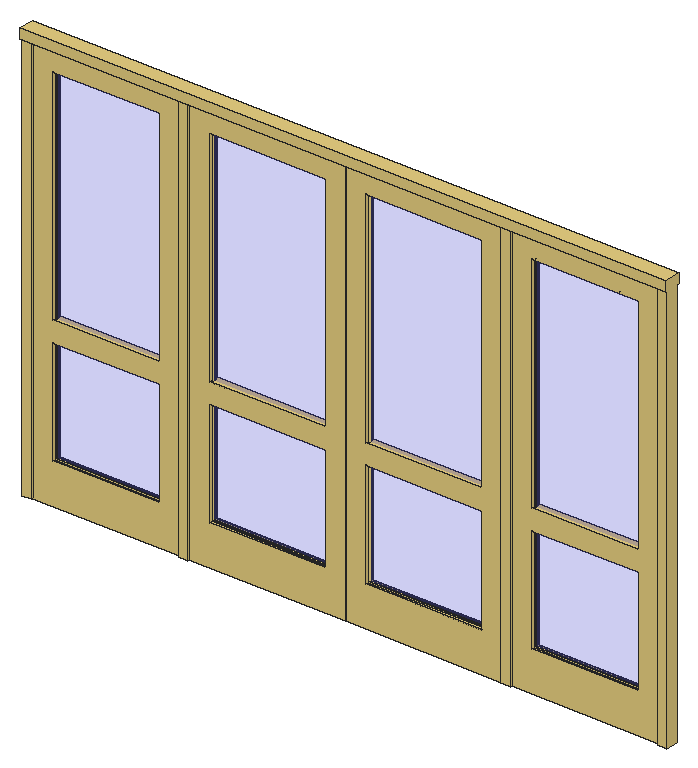
Revit family "DSP_A3-SL1", category Doors, host Wall, Revit 2016
Family settings
  Host = Wall
  Always vertical = Yes
  Cut with Voids When Loaded = No
  Shared = No
  Room Calculation Point = No
Parameters (values of type "SL1")
  URL for TCP = "http://www.tcpbim.co.za"
  URL = "www.acdoors.co.za"
  Model = "AC Combination Sidelights"
  Middle = (Width / 4) - (Frame Width / 2)  # 776 mm
  Panel Thcikness = 44 mm
  Panel Material = Meranti Wood
  Panel Height = Height - Frame Width  # 2032 mm
  Manufacturer Code = "SL1"
  Manufacturer = "AC Doors"
  Made  by = "Tolani Civil Projects cc"
  Height = 2080 mm
  Wall Closure = By host
  Width = 3200 mm
  Glass Material = Glass
  Function = Interior
  Frame Width = 48 mm
  Frame Thickness = 60 mm
  Frame Material = Meranti Wood
  Ends = (Width / 4) - (Frame Width + (Frame Width / 2))  # 728 mm
  Assembly Code = "B2030230"
Reference planes
  plane 1 "Center": y = 0
  plane 2 "Center (Left/Right)": x = 0
  plane 3 "Left": x = -1600
  plane 4 "Right": x = 1600
  plane 5: z = 2080
  plane 6 "Exterior": y = 75
  plane 7 "Interior": y = -75
  plane 8: x = 800
  plane 9: x = -800
  plane 10: x = 1552
  plane 11: x = -1188
  plane 12: x = 1188
  plane 13: x = 824
  plane 14: x = 776
  plane 15: x = -824
  plane 16: x = -776
  plane 17: x = -1552
  plane 18: x = -388
  plane 19: x = 388
Forms (mm)
  Sweep 1, solid, material "Meranti Wood" <- "Frame Material", detail levels medium+fine
    path origin (0, 0, 0) x (1, 0, 0) y (0, 0, 1)
      loop
        line (1600, 0) -> (1600, 2080)
    profile origin (1600, 0, 1040) x (-1, 0, 0) y (0, -1, 0)
      loop
        line (48, -30) -> (48, 30) -> (0, 30) -> (0, -30) -> (48, -30)
  Sweep 2, solid, material "Meranti Wood" <- "Frame Material", detail levels medium+fine
    path origin (0, 0, 0) x (1, 0, 0) y (0, 0, 1)
      loop
        line (-1600, 0) -> (-1600, 2080)
    profile origin (-1600, 0, 1040) x (-1, 0, 0) y (0, -1, 0)
      loop
        line (0, -30) -> (0, 30) -> (-48, 30) -> (-48, -30) -> (0, -30)
  Sweep 3, solid, material "Meranti Wood" <- "Frame Material", detail levels medium+fine
    path origin (0, 0, 0) x (1, 0, 0) y (0, 0, 1)
      loop
        line (1600, 2080) -> (-1600, 2080)
    profile origin (0, 0, 2080) x (0, 0, -1) y (0, -1, 0)
      loop
        line (0, -40) -> (48, -40) -> (48, 40) -> (0, 40) -> (0, -40)
  Sweep 4, solid, material "Meranti Wood" <- "Frame Material", detail levels medium+fine
    path origin (0, 0, 0) x (1, 0, 0) y (0, 0, 1)
      loop
        line (800, 0) -> (800, 2080)
    profile origin (800, 0, 1040) x (-1, 0, 0) y (0, -1, 0)
      loop
        line (24, -30) -> (24, 30) -> (-24, 30) -> (-24, -30) -> (24, -30)
  Sweep 5, solid, material "Meranti Wood" <- "Frame Material", detail levels medium+fine
    path origin (-1000, 0, 0) x (1, 0, 0) y (0, 0, 1)
      loop
        line (200, 0) -> (200, 2080)
    profile origin (-800, 0, 1040) x (-1, 0, 0) y (0, -1, 0)
      loop
        line (24, -30) -> (24, 30) -> (-24, 30) -> (-24, -30) -> (24, -30)
Cuts and joins
  joined: Sweep 1, Sweep 2, Sweep 3, Sweep 4, Sweep 5
Lines and regions (mm)
  Opening 1
    outline origin (-3050, -75, 0) x (1, 0, 0) y (0, 0, 1)
      loop
        line (1450, 0) -> (4650, 0) -> (4650, 2080) -> (1450, 2080) -> (1450, 0)
  symbolic lines, style "Elevation Swing"
    curve 1: line (-776, -75, 2040) -> (0, -75, 1016)
    curve 2: line (0, -75, 1016) -> (-776, -75, 0)
    curve 3: line (776, -75, 2040) -> (0, -75, 1016)
    curve 4: line (776, -75, 0) -> (0, -75, 1016)
  symbolic lines, style "Plan Swing"
    curve 5: line (-776, 22, 0) -> (-776, 798, 0)
    curve 6: line (-776, 798, 0) -> (-728, 798, 0)
    curve 7: line (-728, 798, 0) -> (-728, 22, 0)
    curve 8: line (776, 22, 0) -> (776, 798, 0)
    curve 9: line (728, 22, 0) -> (728, 798, 0)
    curve 10: line (776, 798, 0) -> (728, 798, 0)
    curve 11: arc (-776, 798, 0) -> (-227.285, 570.715, 0) -> (0, 22, 0) r 776
    curve 12: arc (776, 798, 0) -> (227.285, 570.715, 0) -> (0, 22, 0) r 776
Text (mm)
  text "Exterior" at (-2295.016, 1099.543, 0), in view "Ref. Level"
  text "Exterior" at (0, 1615.38, 3698.081), in view "Left"
  text "Exterior" at (0, 1036.032, 3874.932), in view "Right"
Dimensions and locks
  equal spacing: plane 3 "Left", plane 9, plane 2 "Center (Left/Right)", plane 8, plane 4 "Right"
  "Width": plane 3 "Left" to plane 4 "Right"
  "Height": plane 5 to host wall
  locked: plane 6 "Exterior" to host wall at 0
  locked: plane 7 "Interior" to host wall
  equal spacing: Sweep 1 sketch curve, profile plane, Sweep 1 sketch curve
  "Frame Thickness": Sweep 1 sketch curve to Sweep 1 sketch curve
  "Frame Width": Sweep 1 sketch curve to Sweep 1 sketch curve
  equal spacing: Sweep 2 sketch curve, profile plane, Sweep 2 sketch curve
  "Frame Thickness": Sweep 2 sketch curve to Sweep 2 sketch curve
  "Frame Width": Sweep 2 sketch curve to Sweep 2 sketch curve
  "Frame Width": Sweep 3 sketch curve to Sweep 3 sketch curve
  locked: Sweep 2 to Sweep 3 sketch curve at 10
  locked: Sweep 3 sketch curve to Sweep 2 at 10
  equal spacing: Sweep 4 sketch curve, profile plane, Sweep 4 sketch curve  (x2)
  "Frame Width": Sweep 4 sketch curve to Sweep 4 sketch curve
  "Frame Thickness": Sweep 4 sketch curve to Sweep 4 sketch curve
  equal spacing: Sweep 5 sketch curve, profile plane, Sweep 5 sketch curve  (x2)
  "Frame Width": Sweep 5 sketch curve to Sweep 5 sketch curve
  "Frame Thickness": Sweep 5 sketch curve to Sweep 5 sketch curve
  equal spacing: plane 14, plane 8, plane 13
  "Frame Width": plane 14 to plane 13
  equal spacing: plane 16, plane 9, plane 15
  "Frame Width": plane 16 to plane 15
  "Frame Width": plane 3 "Left" to plane 17
  "Frame Width": plane 10 to plane 4 "Right"
  equal spacing: plane 17, plane 11, plane 15
  equal spacing: plane 13, plane 12, plane 10
  equal spacing: plane 16, plane 18, plane 2 "Center (Left/Right)"
  equal spacing: plane 2 "Center (Left/Right)", plane 19, plane 14
  equal spacing: cut or joined group of Sweep 1, Sweep 2, Sweep 3, Sweep 4, Sweep 5, curve 4, level
  "Frame Width": curve 5 to curve 7
  "Middle": nested 4 to curve 6
  "Frame Width": curve 9 to curve 8
  aligned and locked: plane 3 "Left" to Opening 1 sketch curve
  aligned and locked: plane 5 to Opening 1 sketch curve  (x2)
  aligned and locked: Opening 1 sketch curve to plane 4 "Right"
  aligned and locked: Opening 1 sketch curve to level
  aligned and locked: plane 1 "Center" to host wall
  aligned and locked: plane 5 to Sweep 1 sketch curve
  aligned and locked: level to Sweep 1 sketch curve
  aligned and locked: plane 4 "Right" to Sweep 1 sketch curve
  aligned and locked: Sweep 1 sketch curve to profile plane
  aligned and locked: plane 5 to Sweep 2 sketch curve
  aligned and locked: level to Sweep 2 sketch curve
  aligned and locked: plane 3 "Left" to Sweep 2 sketch curve
  aligned and locked: profile plane to Sweep 2 sketch curve
  aligned and locked: plane 3 "Left" to Sweep 3 sketch curve
  aligned and locked: plane 4 "Right" to Sweep 3 sketch curve
  aligned and locked: plane 5 to Sweep 3 sketch curve
  aligned and locked: Sweep 3 sketch curve to profile plane
  aligned and locked: plane 5 to Sweep 4 sketch curve
  aligned and locked: level to Sweep 4 sketch curve
  aligned and locked: plane 8 to Sweep 4 sketch curve
  aligned and locked: plane 5 to Sweep 5 sketch curve
  aligned and locked: level to Sweep 5 sketch curve
  aligned and locked: plane 9 to Sweep 5 sketch curve
  aligned and locked: plane 12 to nested 1
  aligned and locked: plane 1 "Center" to nested 1
  aligned and locked: plane 11 to nested 3
  aligned and locked: plane 1 "Center" to nested 3
  aligned and locked: plane 18 to nested 4
  aligned and locked: nested 2 to plane 19
  aligned and locked: plane 1 "Center" to nested 2
  aligned and locked: plane 1 "Center" to nested 4
  aligned and locked: curve 1 to cut or joined group of Sweep 1, Sweep 2, Sweep 3, Sweep 4, Sweep 5
  aligned and locked: nested 2 to curve 1
  aligned and locked: cut or joined group of Sweep 1, Sweep 2, Sweep 3, Sweep 4, Sweep 5 to curve 2
  aligned and locked: curve 3 to cut or joined group of Sweep 1, Sweep 2, Sweep 3, Sweep 4, Sweep 5
  aligned and locked: cut or joined group of Sweep 1, Sweep 2, Sweep 3, Sweep 4, Sweep 5 to curve 4
  aligned and locked: curve 10 to curve 6
Automatic sketch dimensions
  curve 4 to level = 0 mm
  curve 2 to level = 0 mm
  plane 5 to curve 3 = 40 mm
  plane 5 to curve 1 = 40 mm
  curve 11 to plane 2 "Center (Left/Right)" = 0 mm
  curve 12 to plane 2 "Center (Left/Right)" = 0 mm
  curve 8 to plane 14 = 0 mm
  curve 5 to curve 11 = 0 mm
  curve 7 to host wall = 22 mm
  curve 8 to curve 12 = 0 mm
  curve 9 to host wall = 22 mm
Nested families
  nested 1: "D2H" at (1171.027, 4.38, 0), Panel Width <- "Ends", type "D2H", detail levels medium+fine
    with Panel Width 728 mm, Panel Height 2032 mm
  nested 2: "D2H" at (371.027, 4.38, 0), Panel Width <- "Middle", type "D2H", detail levels medium+fine
    with Panel Width 776 mm, Panel Height 2032 mm
  nested 3: "D2H" at (-1204.973, 4.38, 0), Panel Width <- "Ends", type "D2H", detail levels medium+fine
    with Panel Width 728 mm, Panel Height 2032 mm
  nested 4: "D2H" at (-404.973, 4.38, 0), Panel Width <- "Middle", type "D2H", detail levels medium+fine
    with Panel Width 776 mm, Panel Height 2032 mm
Definition of nested family "D2H"
  Parameters
    Panel Width [instance] = 813 mm
    Panel Thickess = 44 mm
    Panel Material = none
    Panel Height = 2030 mm
    Offset = 100 mm
    Glass Material = none
  Reference planes
    plane 1 "Center (Front/Back)": y = -4.38
    plane 2: z = 0
    plane 3 "Center (Left/Right)": x = 16.973
    plane 4: y = 17.62
    plane 5: y = -26.38
    plane 6: x = -389.527
    plane 7: x = 423.473
    plane 8: z = 2030
    plane 9: x = -289.527
    plane 10: z = 1930
    plane 11: z = 200
    plane 12: x = 323.473
    plane 13: z = 1925.127
    plane 14: z = 204.873
    plane 15: z = 776.667
    plane 16: z = 1353.333
    plane 17: z = 826.667
    plane 18: z = 726.667
  Forms (mm)
    Sweep 1, solid, material <- "Panel Material"
      path origin (0, -4.38, 0) x (1, 0, 0) y (0, 0, 1)
        loop
          line (-389.527, 0) -> (-389.527, 2030) -> (423.473, 2030) -> (423.473, 0)
      profile origin (16.973, -4.38, 2030) x (0, 0, 1) y (0, -1, 0)
        loop
          line (0, -22) -> (0, 22) -> (-100, 22) -> (-100, -22) -> (0, -22)
    Sweep 2, solid, material <- "Panel Material"
      path origin (0, -4.38, 0) x (1, 0, 0) y (0, 0, 1)
        loop
          line (-289.527, 200) -> (323.473, 200)
      profile origin (16.973, -4.38, 200) x (0, 0, 1) y (0, -1, 0)
        loop
          line (0, -22) -> (0, 22) -> (-200, 22) -> (-200, -22) -> (0, -22)
    Sweep 3, solid, material <- "Panel Material"
      path origin (0, -4.38, 0) x (1, 0, 0) y (0, 0, 1)
        loop
          line (-289.527, 1930) -> (-289.527, 200) -> (323.473, 200) -> (323.473, 1930) -> (-289.527, 1930)
      profile "Glass Suppurt profile : Glass Suppurt profile" origin (16.973, -4.38, 1930) x (0, 0, 1) y (0, -1, 0)
        loop
          line (0, 8) -> (-4.45, 8) -> (-8.45, 4) -> (-4.873, 4) -> (-4.873, -4) -> (-8.45, -4) -> (-4.45, -8) -> (0, -8) -> (0, 8)
    Extrusion 4, solid, material <- "Glass Material"
      sketch origin (0, 0, 0) x (1, 0, 0) y (0, 1, 0)
        loop
          line (-284.655, -0.38) -> (-284.655, -8.38) -> (318.6, -8.38) -> (318.6, -0.38) -> (-284.655, -0.38)
      from 204.873 to 1925.127
    Sweep 5, solid, material <- "Panel Material"
      path origin (0, -4.38, 0) x (1, 0, 0) y (0, 0, 1)
        loop
          line (-289.527, 776.667) -> (323.473, 776.667)
      profile origin (16.973, -4.38, 776.667) x (0, 0, 1) y (0, -1, 0)
        loop
          line (50, -22) -> (50, 22) -> (-50, 22) -> (-50, -22) -> (50, -22)
  Cuts and joins
    joined: Sweep 1, Sweep 2, Sweep 5
  Dimensions and locks
    equal spacing: plane 6, plane 3 "Center (Left/Right)", plane 7
    "Panel Width": plane 6 to plane 7
    equal spacing: plane 4, plane 1 "Center (Front/Back)", plane 5
    "Panel Thickess": plane 4 to plane 5
    locked: plane 11 to level at 200
    "Offset": plane 8 to plane 10
    "Offset": plane 9 to plane 6
    "Offset": plane 12 to plane 7
    "Panel Height": plane 8 to plane 2
    plane 13 to plane 10 = 4.873 mm
    plane 14 to plane 11 = 4.873 mm
    equal spacing: plane 10, plane 16, plane 15, plane 11
    plane 17 to plane 15 to plane 18 = 50 mm, 50 mm
    "Offset": plane 17 to plane 18
    aligned and locked: Sweep 1 sketch curve to plane 8
    aligned and locked: Sweep 1 sketch curve to plane 6
    aligned and locked: Sweep 1 sketch curve to plane 7
    aligned and locked: level to Sweep 1 sketch curve  (x2)
    aligned and locked: plane 4 to Sweep 1 sketch curve
    aligned and locked: Sweep 1 sketch curve to profile plane
    aligned and locked: plane 10 to Sweep 1 sketch curve
    aligned and locked: Sweep 1 sketch curve to plane 5
    aligned and locked: plane 9 to Sweep 2 sketch curve
    aligned and locked: plane 12 to Sweep 2 sketch curve
    aligned and locked: Sweep 2 sketch curve to plane 11
    aligned and locked: plane 4 to Sweep 2 sketch curve
    aligned and locked: Sweep 2 sketch curve to profile plane
    aligned and locked: Sweep 2 sketch curve to Sweep 1
    aligned and locked: Sweep 1 to Sweep 2 sketch curve
    aligned and locked: Sweep 3 sketch curve to Sweep 1  (x2)
    aligned and locked: Sweep 2 to Sweep 3 sketch curve
    aligned and locked: Sweep 3 sketch curve to Sweep 2
    aligned and locked: Extrusion 4 sketch curve to Sweep 3  (x3)
    aligned and locked: Sweep 3 to Extrusion 4 sketch curve
    aligned and locked: Extrusion 4 to plane 13
    aligned and locked: plane 14 to Extrusion 4
    aligned and locked: plane 9 to Sweep 5 sketch curve
    aligned and locked: plane 12 to Sweep 5 sketch curve
    aligned and locked: Sweep 5 sketch curve to plane 15
    aligned and locked: plane 4 to Sweep 5 sketch curve
    aligned and locked: plane 17 to Sweep 5 sketch curve
    aligned and locked: plane 18 to Sweep 5 sketch curve
    aligned and locked: Sweep 5 sketch curve to plane 5
